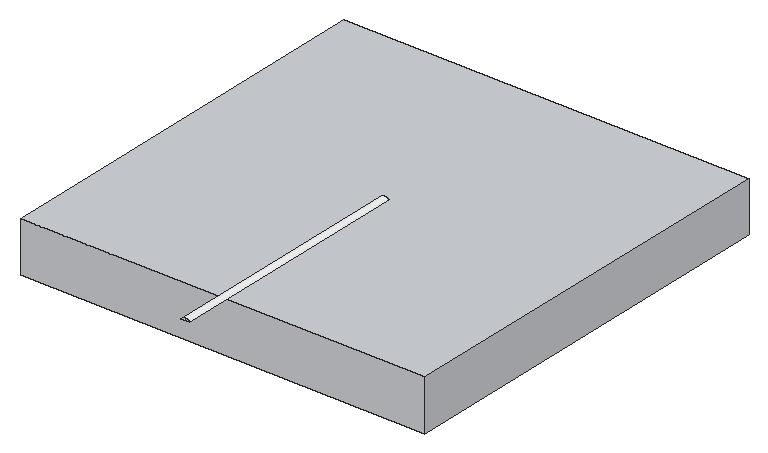
Revit family "Legrand Export Floor trunking", category Installations électriques, Revit 2020
Family settings
  Hôte = Face
  Conserver l'orientation des annotations = Non
  Cote de connecteur circulaire = Utiliser le diamètre
  Type d'élément = Normal
  Couper avec des vides une fois chargée = Non
  Partagée = Non
  Point de calcul de pièce = Non
Parameters (values of type "Floor duct 75X18 2M White")
  Standard = "Snap-on-ON_UNIVERSAL"
  Modèle = "LG-030088"
  Matériau = Legrand - Plastique blanc
  Main Material = "Plastic"
  L2 [instance] = if(L1 = 2000 mm, 1999 mm, 2000 mm)  # 2000 mm
  L1 [instance] = 1500 mm
  Finishing = "White"
  Fabricant = "LEGRAND"
  Default Elevation = 0 mm
  Description = "floor duct 75x18 2m White"
Types (3, lengths in mm): name | Modèle | Matériau | Finishing | Description
  (no name) | "LG-030090" | Legrand - Plastique noir | "White" | "floor duct 75x18 2m White"
  Floor duct 75X18 2M White | "LG-030088" | Legrand - Plastique blanc | "White" | "floor duct 75x18 2m White"
  Floor duct 75X18 2M Black | "LG-030090" | Legrand - Plastique noir | "Black" | "floor duct 75x18 2m Black"
Reference planes
  plane 1 "Centre (avant/arrière)": y = 0
  plane 2: z = 0
  plane 3 "Centre (gauche/droite)": x = 0
  plane 4: y = -1500
  plane 5: y = -2000
Forms (mm)
  Extrusion 1, solid
    sketch origin (0, 0, 0) x (1, 0, 0) y (0, 1, 0)
      loop
        line (-1219.2, 1219.2) -> (-1219.2, -1219.2) -> (1219.2, -1219.2) -> (1219.2, 1219.2) -> (-1219.2, 1219.2)
    from 0 to -304.8
  Extrusion 2, solid, material "Legrand - Plastique blanc" <- "Matériau"
    sketch origin (0, 0, 0) x (1, 0, 0) y (0, 0, 1)
      loop
        arc (25, 0) -> (0, 12.11) -> (-25, 0) r 31.86
        line (-25, 0) -> (25, 0)
    from 0 to 1500
  Extrusion 3, void
    sketch origin (0, 0, 0) x (1, 0, 0) y (0, 1, 0)
      loop
        line (-25, -1500) -> (-25, -2000) -> (35, -2000) -> (35, -1500) -> (-25, -1500)
    from 0 to 250
Cuts and joins
  Extrusion 3 cuts Extrusion 2
Dimensions and locks
  "L1": plane 4 to plane 1 "Centre (avant/arrière)"
  "L2": plane 5 to plane 1 "Centre (avant/arrière)"
  aligned and locked: plane 2 to Extrusion 1
  aligned and locked: level to Extrusion 1
  aligned and locked: Extrusion 2 to plane 4
  aligned and locked: Extrusion 3 sketch curve to plane 4
  aligned and locked: plane 5 to Extrusion 3 sketch curve
Automatic sketch dimensions
  Extrusion 1 sketch curve to Extrusion 1 sketch curve = 2438.4 mm  (x2)
  Extrusion 2 sketch curve to level = 0 mm
  Extrusion 2 sketch curve to plane 3 "Centre (gauche/droite)" = 0 mm
  Extrusion 2 sketch curve to plane 3 "Centre (gauche/droite)" = 25 mm
  Extrusion 2 sketch curve to level = 19.749 mm
  Extrusion 3 sketch curve to plane 3 "Centre (gauche/droite)" = 25 mm
  plane 3 "Centre (gauche/droite)" to Extrusion 3 sketch curve = 35 mm
